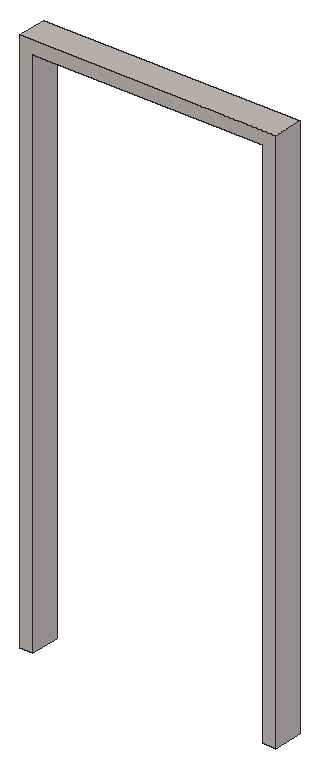
Revit family "Galaxy-Metal-Doors_TrimmedOpening", category Doors, host Wall, Revit 2026
Family settings
  Host = Wall
  Classification Number = 23.30.10.14.11
  Always vertical = Yes
  Cut with Voids When Loaded = No
  Shared = No
  Room Calculation Point = No
Parameters (values of type "ByType")
  Wind Load = ""
  Water Penetration = ""
  Sound Transmission Class (STC) = 0
  RO Offset = 0' - 0"
  Function = Interior
  Frame Width = 0' - 2"
  Frame Thickness = 0' - 4 3/4"
  Frame Finish = Metal - Steel - Galaxy - Primed
  Building Code Conformance = ""
  Air Infiltration = ""
  ASTM Conformance = ""
  Manufacturer Phone = "800-294-8199"
  Warranty Duration (Years) = 0
  URL = "galaxymetalproducts.com"
  Thickness = 0' - 1 3/4"
  Test Data = ""
  Specification = "http://www.arcat.com/sd/clients/galaxyme.html?coid=48404"
  SpecWizard = ""
  Send Message = "http://www.arcat.com/arcatcos/cos48/arc48404.html"
  Sales Information = "http://www.arcat.com/arcatcos/cos48/arc48404.html"
  Rough Width = (Width + (RO Offset * 2))  # 3' - 0"
  Rough Height = (Height + (RO Offset))  # 7' - 0"
  R_Value = 0
  Product Properties = ""
  Product Data = "http://www.arcat.com/arcatcos/cos48/arc48404.html"
  Manufacturer Website = "http://galaxymetalproducts.com/"
  Manufacturer Phone - Toll Free = "800-294-8199"
  Manufacturer Fax = ""
  Manufacturer Address = "2960 Woodbridge Ave. Edison, NJ 08837"
  Maintenance Schedule (Months) = 0
  Installation-Fabrication = ""
  Installation Phase = ""
  Green Building-LEED = "http://www.arcat.com/green/clients/leed_data_48404.html"
  Model = "As Specified"
  Manufacturer = "Galaxy Metal Products, LLC"
  Keynote = "08 11 10"
  Height = 7' - 0"
  Wall Closure = By host
  Width = 3' - 0"
  Fire Rating = "As Specified in 08110"
  Expected Lifespan (Years) = 0
  Drawn By = "Sumex Design, Inc. / Robert S. Weygant, CSI, CDT, SCIP"
  Description = "Galaxy Steel Door as Specified"
  Copyright = "©Arcat Inc."
  Construction Details = "http://www.arcat.com/details/galaxyme/prod3845.html"
  Building Codes = ""
  Assembly Code = "B2030500"
  ADA Compliant = yes
  AAMA Designation = ""
Reference planes (in)
  plane 1 "Center (Front/Back)": y = -33.96225
  plane 2 "Center (Left/Right)": x = 62.28704
  plane 3: z = 0
  plane 4 "Right": x = 82.28704
  plane 5 "Left": x = 42.28704
  plane 6 "Closure": y = -35.96225
  plane 7: z = 0
  plane 8 "Top of Frame": z = 86
  plane 9 "RO Top": z = 86
  plane 10 "RO Right": x = 82.28704
  plane 11 "RO Left": x = 42.28704
  plane 12 "Frame Ext": y = -31.58725
  plane 13 "Frame Int": y = -36.33725
  plane 14: x = 80.28704
  plane 15: z = 84
  plane 16: x = 44.28704
  plane 17: y = -33.08725
  plane 18: z = 36
  plane 19: y = -34.83725
Forms (in)
  Sweep 1, solid, material "Metal - Steel - Galaxy - Primed" <- "Frame Finish"
    path origin (0, -33.96225, 0) x (1, 0, 0) y (0, 0, 1)
      loop
        line (82.28704, 0) -> (82.28704, 86) -> (42.28704, 86) -> (42.28704, 0)
    profile "P_Frame_TrimmedOpening : P_Frame_TrimmedOpening" origin (42.28704, -33.96225, 43) x (1, 0, 0) y (0, -1, 0)
      loop
        line (0, -2.375) -> (2, -2.375) -> (2, 2.375) -> (0, 2.375) -> (0, -2.375)
Lines and regions (in)
  Opening 1
    outline origin (-109.33485, -35.96225, 0) x (1, 0, 0) y (0, 0, 1)
      loop
        line (151.62189, 0) -> (191.62189, 0) -> (191.62189, 86) -> (151.62189, 86) -> (151.62189, 0)
Text (in)
  text "Exterior" at (10.57594, -7.14554, 0), in view "A101 - Plan View"
  text "Interior" at (10.57594, -59.60024, 0), in view "A101 - Plan View"
  text "Exterior" at (0, -17.98638, 123.01588), in view "Right"
  text "Interior" at (0, -64.39139, 123.01588), in view "Right"
  text "Interior" at (0, -52.09468, 121.14095), in view "Left"
  text "Exterior" at (0, 26.35325, 123.00693), in view "Left"
Dimensions and locks (in)
  equal spacing: plane 4 "Right", plane 2 "Center (Left/Right)", plane 5 "Left"
  "RO Offset": plane 5 "Left" to plane 11 "RO Left"
  "RO Offset": plane 10 "RO Right" to plane 4 "Right"
  "RO Offset": plane 9 "RO Top" to plane 8 "Top of Frame"
  "Frame Thickness": plane 12 "Frame Ext" to plane 13 "Frame Int"
  equal spacing: plane 12 "Frame Ext", plane 1 "Center (Front/Back)", plane 13 "Frame Int"
  "Frame Width": plane 5 "Left" to plane 16
  "Frame Width": plane 14 to plane 4 "Right"
  "Frame Width": plane 15 to plane 8 "Top of Frame"
  "Width": plane 16 to plane 14
  "Height": level to plane 15
  level to plane 18 = 3' - 0"
  equal spacing: plane 17, plane 1 "Center (Front/Back)", plane 19
  "Thickness": plane 17 to plane 19
  aligned and locked: host wall to plane 1 "Center (Front/Back)"
  aligned and locked: host wall to plane 6 "Closure"
Automatic sketch dimensions
  Opening 1 sketch curve to plane 9 "RO Top" = 0' - 0"
  Opening 1 sketch curve to plane 11 "RO Left" = 0' - 0"
  Opening 1 sketch curve to plane 10 "RO Right" = 0' - 0"
  Opening 1 sketch curve to level = 0' - 0"
  Sweep 1 sketch curve to level = 0' - 0"  (x2)
  plane 5 "Left" to Sweep 1 sketch curve = 0' - 0"
  plane 4 "Right" to Sweep 1 sketch curve = 0' - 0"
  Sweep 1 sketch curve to plane 8 "Top of Frame" = 0' - 0"
